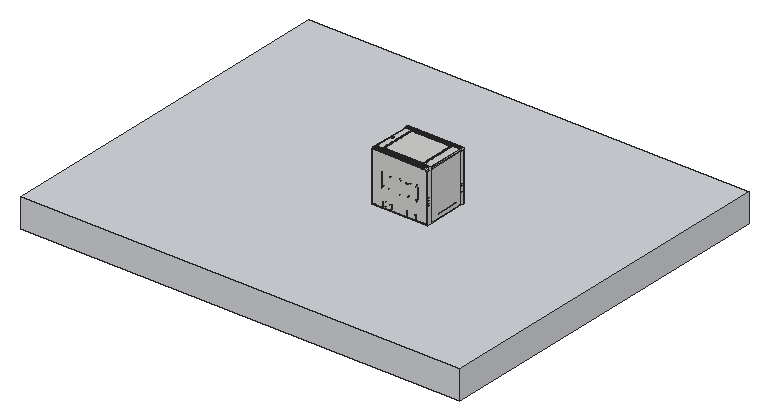
Revit family "Шкаф телекоммуникационный настенный разборный 19” 600x550_1", category Обобщенные модели, Revit 2019
Family settings
  Основа = Грань
  Может служить основой для арматурных стержней = Нет
  Размер круглого соединителя = Использовать диаметр
  Тип детали = Нормальный
  При загрузке вырезать с полостями = Нет
  Общий = Нет
  Точка расчета площади = Нет
Parameters (values of type "ШТ-НСр 9U (600х550мм) перфорированная дверь")
  Смещение двери = ADSK_Размер_Глубина - 24 mm  # 526 mm
  Default Elevation = 800 mm
  Дверь = Дверь_П-9U : Дверь_П-9U
  Высота двери = ADSK_Размер_Высота - 80 mm  # 413 mm
  ADSK_Этаж [instance] = "-"
  ADSK_Размер_Ширина = 600 mm  # constant formula
  ADSK_Размер_Глубина = 550 mm  # constant formula
  ADSK_Размер_Высота = 493 mm
  ADSK_Примечание [instance] = "-"
  ADSK_Предел огнестойкости = "-"
  ADSK_Позиция [instance] = "-"
  ADSK_Обозначение = "ШТ-НСр 9U (600х550мм) перфорированная дверь"
  ADSK_Наименование = "Шкаф телекоммуникационный настенный разборный 19”,9U(600x550), ШТ-НСр-9U-600-550-П дверь перфорированная ССД"
  ADSK_Материал обозначение = "Серый RAL 7035"  # constant formula
  ADSK_Масса_Текст = "20,5"
  ADSK_Марка [instance] = "ШТ-НСр 9U (600х550мм) перфорированная дверь"
  ADSK_Количество = 1  # constant formula
  ADSK_Код изделия = "130411-00559"
  ADSK_Зона = "-"
  ADSK_Завод-изготовитель = "АО СВЯЗЬСТРОЙДЕТАЛЬ"  # constant formula
  ADSK_Единица измерения = "шт"  # constant formula
  ADSK_URL страницы изделия = "https://www.ssd.ru/shkaf-telekommunikatsionnyy-nastennyy-razbornyy-19-9u-600x550-sht-nsr-9u-600-550-p-dver-perforirovan"
  ADSK_URL документации изделия = "https://www.ssd.ru/upload/iblock/702/fbps99x9t5k7rvodinq4s9cgysybksc9/sert_sht_np.pdf"
Reference planes
  plane 1 "По центру (Вперед/Назад)": y = 0
  plane 2: z = 0
  plane 3 "По центру (Влево/Вправо)": x = 0
  plane 4: y = 246.5
  plane 5: y = -246.5
  plane 6: x = 300
  plane 7: x = -300
  plane 8: z = 550
  plane 9: y = 206.5
  plane 10: y = -206.5
  plane 11: z = 526
Forms (mm)
  Extrusion 1, solid
    sketch origin (0, 0, 0) x (1, 0, 0) y (0, 1, 0)
      loop
        line (-2700, 1900) -> (-2700, -2015.656) -> (2062.959, -2015.656) -> (2062.959, 1900) -> (-2700, 1900)
    from 0 to -304.8
  Extrusion 2, solid, material "RAL 7035", detail levels medium+fine
    sketch origin (0, 0, 0) x (-1, 0, 0) y (0, 0, -1)
      loop
        arc (300, -2.994) -> (299.123, -0.877) -> (297.006, 0) r 2.994
        line (297.006, 0) -> (246.94, 0)
        arc (246.94, 0) -> (246.44, -0.501) -> (246.94, -1.001) r 0.501
        line (246.94, -1.001) -> (296.006, -1.001)
        arc (296.006, -1.001) -> (298.132, -1.882) -> (299.013, -4.008) r 3.007
        line (299.013, -4.008) -> (299.013, -525.506)
        arc (299.013, -525.506) -> (299.506, -526) -> (300, -525.506) r 0.494
        line (300, -525.506) -> (300, -2.994)
      loop
        line (-300, -3.007) -> (-300, -525.5)
        arc (-300, -525.5) -> (-299.5, -526) -> (-299, -525.5) r 0.5
        line (-299, -525.5) -> (-299, -4.009)
        arc (-299, -4.009) -> (-298.119, -1.883) -> (-295.993, -1.002) r 3.007
        line (-295.993, -1.002) -> (-246.948, -1.002)
        arc (-246.948, -1.002) -> (-246.447, -0.501) -> (-246.948, 0) r 0.501
        line (-246.948, 0) -> (-296.993, 0)
        arc (-296.993, 0) -> (-299.119, -0.881) -> (-300, -3.007) r 3.007
      loop
        arc (245.778, -0.994) -> (246.278, -0.494) -> (245.778, 0.006) r 0.5
        line (245.778, 0.006) -> (-245.93, 0.006)
        arc (-245.93, 0.006) -> (-246.43, -0.494) -> (-245.93, -0.994) r 0.5
        line (-245.93, -0.994) -> (245.778, -0.994)
    from -206.5 to 206.5
  Extrusion 3, void
    sketch origin (10, -202.5, 0.001) x (1, 0, 0) y (0, 1, 0)
      loop
        line (-281.504, 365) -> (-281.504, 360)
        arc (-281.504, 360) -> (-284.504, 353.755) -> (-281.504, 347.51) r 8
        line (-281.504, 347.51) -> (-281.504, 342.51)
        arc (-281.504, 342.51) -> (-276.504, 337.51) -> (-271.504, 342.51) r 5
        line (-271.504, 342.51) -> (-271.504, 347.51)
        arc (-271.504, 347.51) -> (-268.504, 353.755) -> (-271.504, 360) r 8
        line (-271.504, 360) -> (-271.504, 365)
        arc (-271.504, 365) -> (-276.504, 370) -> (-281.504, 365) r 5
    from 0 to 1
  Extrusion 4, void, not visible
    sketch origin (10, -180, 0) x (1, 0, 0) y (0, 1, 0)
      loop
        line (-281.504, 365) -> (-281.504, 360)
        arc (-281.504, 360) -> (-284.504, 353.755) -> (-281.504, 347.51) r 8
        line (-281.504, 347.51) -> (-281.504, 342.51)
        arc (-281.504, 342.51) -> (-276.504, 337.51) -> (-271.504, 342.51) r 5
        line (-271.504, 342.51) -> (-271.504, 347.51)
        arc (-271.504, 347.51) -> (-268.504, 353.755) -> (-271.504, 360) r 8
        line (-271.504, 360) -> (-271.504, 365)
        arc (-271.504, 365) -> (-276.504, 370) -> (-281.504, 365) r 5
    from 0 to 1
  Extrusion 5, void
    sketch origin (10, -69.5, 0) x (1, 0, 0) y (0, 1, 0)
      loop
        arc (-281.504, -93) -> (-276.504, -98) -> (-271.504, -93) r 5
        line (-271.504, -93) -> (-271.504, -88)
        arc (-271.504, -88) -> (-268.504, -81.755) -> (-271.504, -75.51) r 8
        line (-271.504, -75.51) -> (-271.504, -70.51)
        arc (-271.504, -70.51) -> (-276.504, -65.51) -> (-281.504, -70.51) r 5
        line (-281.504, -70.51) -> (-281.504, -75.51)
        arc (-281.504, -75.51) -> (-284.504, -81.755) -> (-281.504, -88) r 8
        line (-281.504, -88) -> (-281.504, -93)
    from 0 to 1
  Extrusion 6, void
    sketch origin (-10, 69.5, 0) x (-1, 0, 0) y (0, -1, 0)
      loop
        arc (-281.504, -93) -> (-276.504, -98) -> (-271.504, -93) r 5
        line (-271.504, -93) -> (-271.504, -88)
        arc (-271.504, -88) -> (-268.504, -81.755) -> (-271.504, -75.51) r 8
        line (-271.504, -75.51) -> (-271.504, -70.51)
        arc (-271.504, -70.51) -> (-276.504, -65.51) -> (-281.504, -70.51) r 5
        line (-281.504, -70.51) -> (-281.504, -75.51)
        arc (-281.504, -75.51) -> (-284.504, -81.755) -> (-281.504, -88) r 8
        line (-281.504, -88) -> (-281.504, -93)
    from 0 to 1
  Extrusion 7, void
    sketch origin (-10, 202.5, 0) x (-1, 0, 0) y (0, -1, 0)
      loop
        line (-281.504, 365) -> (-281.504, 360)
        arc (-281.504, 360) -> (-284.504, 353.755) -> (-281.504, 347.51) r 8
        line (-281.504, 347.51) -> (-281.504, 342.51)
        arc (-281.504, 342.51) -> (-276.504, 337.51) -> (-271.504, 342.51) r 5
        line (-271.504, 342.51) -> (-271.504, 347.51)
        arc (-271.504, 347.51) -> (-268.504, 353.755) -> (-271.504, 360) r 8
        line (-271.504, 360) -> (-271.504, 365)
        arc (-271.504, 365) -> (-276.504, 370) -> (-281.504, 365) r 5
    from 0 to 1
  Extrusion 8, solid, detail levels coarse
    sketch origin (0, 0, 0) x (1, 0, 0) y (0, 1, 0)
      loop
        line (-300, 246.5) -> (-300, -246.5) -> (300, -246.5) -> (300, 246.5) -> (-300, 246.5)
    from 0 to 550
Cuts and joins
  Extrusion 3, Extrusion 5, Extrusion 6, Extrusion 7 cuts Extrusion 2
Lines and regions (mm)
  reference lines
    curve 1: line (-274.504, 151.255, 0.001) -> (-258.504, 151.255, 0.001)
    curve 3: line (-274.504, -151.255, 0) -> (-258.504, -151.255, 0)
    curve 4: line (274.504, 151.255, 0) -> (258.504, 151.255, 0)
    curve 5: line (274.504, -151.255, 0) -> (258.504, -151.255, 0)
  reference lines, not visible
    curve 2: line (-274.504, 173.755, 0) -> (-258.504, 173.755, 0)
Dimensions and locks
  equal spacing: plane 7, plane 3 "По центру (Влево/Вправо)", plane 6
  "ADSK_Размер_Ширина": plane 7 to plane 6
  equal spacing: plane 5, plane 1 "По центру (Вперед/Назад)", plane 4
  "ADSK_Размер_Высота": plane 5 to plane 4
  "ADSK_Размер_Глубина": Extrusion 1 to plane 8
  locked: plane 9 to plane 4 at 40
  locked: plane 5 to plane 10 at 40
  locked: curve 1 to plane 9 at 55.245
  locked: plane 10 to curve 3 at 55.245
  locked: plane 9 to curve 4 at 55.245
  locked: curve 5 to plane 10 at 55.245
  locked: plane 11 to plane 8 at 24
  locked: nested 2 to plane 5 at 250
  locked: plane 4 to nested 3 at 250
  aligned and locked: Extrusion 1 to plane 2
  aligned and locked: Extrusion 1 to level
  aligned and locked: Extrusion 2 to level  (x2)
  aligned and locked: Extrusion 2 to plane 2
  aligned and locked: Extrusion 2 to plane 7
  aligned and locked: plane 6 to Extrusion 2
  aligned and locked: Extrusion 2 to Extrusion 3
  aligned and locked: Extrusion 2 to plane 9
  aligned and locked: plane 10 to Extrusion 2
  aligned and locked: plane 6 to Extrusion 8
  aligned and locked: Extrusion 8 to plane 4
  aligned and locked: Extrusion 8 to plane 7
  aligned and locked: plane 5 to Extrusion 8
  aligned and locked: Extrusion 8 to plane 8
  aligned and locked: Extrusion 8 to level
Automatic sketch dimensions
  Extrusion 1 sketch curve to Extrusion 1 sketch curve = 4762.959 mm
  Extrusion 1 sketch curve to Extrusion 1 sketch curve = 3915.656 mm
  Extrusion 3 sketch curve to Extrusion 3 sketch curve = 0 mm  (x5)
  Extrusion 3 sketch curve to Extrusion 3 sketch curve = 5 mm  (x6)
  Extrusion 3 sketch curve to Extrusion 3 sketch curve = 6.245 mm
  Extrusion 4 sketch curve to Extrusion 4 sketch curve = 0 mm  (x5)
  Extrusion 4 sketch curve to Extrusion 4 sketch curve = 5 mm  (x6)
  Extrusion 4 sketch curve to Extrusion 4 sketch curve = 6.245 mm
  Extrusion 5 sketch curve to Extrusion 5 sketch curve = 0 mm  (x5)
  Extrusion 5 sketch curve to Extrusion 5 sketch curve = 5 mm  (x6)
  Extrusion 5 sketch curve to Extrusion 5 sketch curve = 6.245 mm
  Extrusion 6 sketch curve to Extrusion 6 sketch curve = 0 mm  (x5)
  Extrusion 6 sketch curve to Extrusion 6 sketch curve = 5 mm  (x6)
  Extrusion 6 sketch curve to Extrusion 6 sketch curve = 6.245 mm
  Extrusion 7 sketch curve to Extrusion 7 sketch curve = 0 mm  (x5)
  Extrusion 7 sketch curve to Extrusion 7 sketch curve = 5 mm  (x6)
  Extrusion 7 sketch curve to Extrusion 7 sketch curve = 6.245 mm
  Extrusion 2 sketch curve to plane 6 = 0 mm
  Extrusion 2 sketch curve to level = 0 mm  (x2)
  level to Extrusion 2 sketch curve = 0.006 mm
  plane 7 to Extrusion 2 sketch curve = 0 mm
  Extrusion 2 sketch curve to Extrusion 2 sketch curve = 0.5 mm
  Extrusion 2 sketch curve to Extrusion 2 sketch curve = 2.007 mm
  Extrusion 2 sketch curve to level = 1.002 mm
  Extrusion 2 sketch curve to Extrusion 2 sketch curve = 1 mm  (x2)
  Extrusion 2 sketch curve to Extrusion 2 sketch curve = 49.046 mm
  Extrusion 2 sketch curve to level = 0.994 mm
  Extrusion 2 sketch curve to plane 7 = 54.222 mm
  Extrusion 2 sketch curve to level = 1.001 mm
  Extrusion 2 sketch curve to Extrusion 2 sketch curve = 1.162 mm
  Extrusion 2 sketch curve to plane 7 = 3.994 mm
  Extrusion 2 sketch curve to plane 7 = 0.987 mm
  Extrusion 2 sketch curve to plane 8 = 24.5 mm
  Extrusion 2 sketch curve to plane 8 = 24.494 mm
  Extrusion 2 sketch curve to Extrusion 2 sketch curve = 1.018 mm
  plane 5 to Extrusion 8 sketch curve = 0 mm
  Extrusion 8 sketch curve to plane 7 = 0 mm
  plane 6 to Extrusion 8 sketch curve = 0 mm
  Extrusion 8 sketch curve to plane 4 = 0 mm
Nested families
  nested 1: "Дверь_П-9U" at (0, 0, 526), type <- "Дверь", built-in parameter 1001364 <- "Смещение двери", ADSK_Размер_Высота <- "Высота двери", type "Дверь_П-9U"
    with ADSK_Размер_Высота 413 mm
  nested 2: "Крышка 550" at (0, 3.5, 0) x (-1, 0, 0) z (0, 0, 1), type "Крышка 550"
  nested 3: "Крышка 550" at (0, -3.5, 0) x (-1, 0, 0) z (0, 0, 1), type "Крышка 550"
Definition of nested family "Дверь_П-9U"
  Parameters (values of type "Дверь_П-9U")
    Ширина = 600 mm
    Стекло = no
    Материал дверцы = none
    Глубина_двери = 1000 mm
    ADSK_Размер_Высота [instance] = 413 mm
  Reference planes
    plane 1 "По центру (Вперед/Назад)": y = 0
    plane 2: z = 0
    plane 3 "По центру (Влево/Вправо)": x = 0
    plane 4: y = 206.5
    plane 5: y = -206.5
    plane 6: x = 300
    plane 7: x = -300
    plane 8: z = -1000
  Forms (mm)
    Extrusion 1, solid, detail levels medium+fine
      sketch origin (-48.253, -13.282, 0) x (1, 0, 0) y (0, 1, 0)
        loop
          circle (-223.747, 13.282) r 12
      from 20 to 21
    Blend 2, solid, detail levels medium+fine
      base sketch origin (-60.253, -13.282, 0) x (1, 0, 0) y (0, 1, 0)
        loop
          circle (-211.747, 13.282) r 12
      top sketch origin (-60.253, -13.282, 0) x (1, 0, 0) y (0, 1, 0)
        loop
          circle (-211.747, 13.282) r 9
      from 21 to 24
    Extrusion 3, void, detail levels medium+fine
      sketch origin (-48.253, -13.282, 0) x (1, 0, 0) y (0, 1, 0)
        loop
          line (-228.747, 14.532) -> (-228.747, 12.032) -> (-218.747, 12.032) -> (-218.747, 14.532) -> (-228.747, 14.532)
      from 22 to 24
    Extrusion 4, solid, not visible
      sketch origin (0, 0, 0) x (1, 0, 0) y (0, 1, 0)
        loop
          arc (-297, 180) -> (-299.121, 179.121) -> (-300, 177) r 3
          line (-300, 177) -> (-300, -177)
          arc (-300, -177) -> (-299.121, -179.121) -> (-297, -180) r 3
          line (-297, -180) -> (297, -180)
          arc (297, -180) -> (299.121, -179.121) -> (300, -177) r 3
          line (300, -177) -> (300, 177)
          arc (300, 177) -> (299.121, 179.121) -> (297, 180) r 3
          line (297, 180) -> (-297, 180)
      from 0 to 20
    Extrusion 5, solid, not visible
      sketch origin (0, 0, 0) x (1, 0, 0) y (0, 1, 0)
        loop
          circle (-223.747, 13.282) r 12
      from 20 to 21
    Blend 6, solid, not visible
      base sketch origin (-12, 0, 0) x (1, 0, 0) y (0, 1, 0)
        loop
          circle (-211.747, 13.282) r 12
      top sketch origin (-12, 0, 0) x (1, 0, 0) y (0, 1, 0)
        loop
          circle (-211.747, 13.282) r 9
      from 21 to 24
    Extrusion 7, void, not visible
      sketch origin (0, 0, 0) x (1, 0, 0) y (0, 1, 0)
        loop
          line (-228.747, 14.532) -> (-228.747, 12.032) -> (-218.747, 12.032) -> (-218.747, 14.532) -> (-228.747, 14.532)
      from 22 to 24
    Extrusion 8, solid, detail levels medium+fine
      sketch origin (0, 0, 0) x (1, 0, 0) y (0, 1, 0)
        loop
          arc (-297, 206.5) -> (-299.121, 205.621) -> (-300, 203.5) r 3
          line (-300, 203.5) -> (-300, -203.5)
          arc (-300, -203.5) -> (-299.121, -205.621) -> (-297, -206.5) r 3
          line (-297, -206.5) -> (297, -206.5)
          arc (297, -206.5) -> (299.121, -205.621) -> (300, -203.5) r 3
          line (300, -203.5) -> (300, 203.5)
          arc (300, 203.5) -> (299.121, 205.621) -> (297, 206.5) r 3
          line (297, 206.5) -> (-297, 206.5)
      from 0 to 20
    Extrusion 9, void
      sketch origin (0, 0, 0) x (0, 1, 0) y (0, 0, 1)
        loop
          line (206.5, 17) -> (206.5, 20) -> (203.5, 20)
          arc (203.5, 20) -> (205.621, 19.121) -> (206.5, 17) r 3
        loop
          arc (-206.5, 17) -> (-205.621, 19.121) -> (-203.5, 20) r 3
          line (-203.5, 20) -> (-206.5, 20) -> (-206.5, 17)
        loop
          arc (206.5, 3) -> (205.621, 0.879) -> (203.5, 0) r 3
          line (203.5, 0) -> (206.5, 0) -> (206.5, 3)
        loop
          line (-206.5, 3) -> (-206.5, 0) -> (-203.5, 0)
          arc (-203.5, 0) -> (-205.621, 0.879) -> (-206.5, 3) r 3
      from -300 to 300
    Extrusion 10, void
      sketch origin (0, 0, 0) x (1, 0, 0) y (0, 0, 1)
        loop
          line (-297, 20) -> (-300, 20) -> (-300, 17)
          arc (-300, 17) -> (-299.121, 19.121) -> (-297, 20) r 3
        loop
          arc (297, 20) -> (299.121, 19.121) -> (300, 17) r 3
          line (300, 17) -> (300, 20) -> (297, 20)
        loop
          arc (-297, 0) -> (-299.121, 0.879) -> (-300, 3) r 3
          line (-300, 3) -> (-300, 0) -> (-297, 0)
        loop
          line (297, 0) -> (300, 0) -> (300, 3)
          arc (300, 3) -> (299.121, 0.879) -> (297, 0) r 3
      from -206.5 to 206.5
    Extrusion 11, void
      sketch origin (0, 0, 0) x (1, 0, 0) y (0, 1, 0)
        loop
          line (-297, 203.5) -> (-297, -203.5) -> (297, -203.5) -> (297, 203.5) -> (-297, 203.5)
      from 0 to 18.011
    Extrusion 12, void, detail levels fine
      sketch origin (0, 0, 0) x (1, 0, 0) y (0, 1, 0)
        loop
          line (-217.443, 98.5) -> (-221.6, 96.1) -> (-221.6, 91.3) -> (-217.443, 88.9) -> (-213.286, 91.3) -> (-213.286, 96.1) -> (-217.443, 98.5)
        loop
          line (-207.629, 200.488) -> (-211.786, 198.088) -> (-211.786, 193.288) -> (-207.629, 190.888) -> (-203.472, 193.288) -> (-203.472, 198.088) -> (-207.629, 200.488)
        loop
          line (-197.815, 200.488) -> (-201.972, 198.088) -> (-201.972, 193.288) -> (-197.815, 190.888) -> (-193.658, 193.288) -> (-193.658, 198.088) -> (-197.815, 200.488)
        loop
          line (-188.002, 200.488) -> (-192.158, 198.088) -> (-192.158, 193.288) -> (-188.002, 190.888) -> (-183.845, 193.288) -> (-183.845, 198.088) -> (-188.002, 200.488)
        loop
          line (-178.188, 200.488) -> (-182.345, 198.088) -> (-182.345, 193.288) -> (-178.188, 190.888) -> (-174.031, 193.288) -> (-174.031, 198.088) -> (-178.188, 200.488)
        loop
          line (-168.374, 200.488) -> (-172.531, 198.088) -> (-172.531, 193.288) -> (-168.374, 190.888) -> (-164.217, 193.288) -> (-164.217, 198.088) -> (-168.374, 200.488)
        loop
          line (-158.56, 200.488) -> (-162.717, 198.088) -> (-162.717, 193.288) -> (-158.56, 190.888) -> (-154.403, 193.288) -> (-154.403, 198.088) -> (-158.56, 200.488)
        loop
          line (-148.746, 200.488) -> (-152.903, 198.088) -> (-152.903, 193.288) -> (-148.746, 190.888) -> (-144.589, 193.288) -> (-144.589, 198.088) -> (-148.746, 200.488)
        loop
          line (-138.932, 200.488) -> (-143.089, 198.088) -> (-143.089, 193.288) -> (-138.932, 190.888) -> (-134.775, 193.288) -> (-134.775, 198.088) -> (-138.932, 200.488)
        loop
          line (-129.118, 200.488) -> (-133.275, 198.088) -> (-133.275, 193.288) -> (-129.118, 190.888) -> (-124.962, 193.288) -> (-124.962, 198.088) -> (-129.118, 200.488)
        loop
          line (-119.305, 200.488) -> (-123.462, 198.088) -> (-123.462, 193.288) -> (-119.305, 190.888) -> (-115.148, 193.288) -> (-115.148, 198.088) -> (-119.305, 200.488)
        loop
          line (-109.491, 200.488) -> (-113.648, 198.088) -> (-113.648, 193.288) -> (-109.491, 190.888) -> (-105.334, 193.288) -> (-105.334, 198.088) -> (-109.491, 200.488)
        loop
          line (-99.677, 200.488) -> (-103.834, 198.088) -> (-103.834, 193.288) -> (-99.677, 190.888) -> (-95.52, 193.288) -> (-95.52, 198.088) -> (-99.677, 200.488)
        loop
          line (-89.863, 200.488) -> (-94.02, 198.088) -> (-94.02, 193.288) -> (-89.863, 190.888) -> (-85.706, 193.288) -> (-85.706, 198.088) -> (-89.863, 200.488)
        loop
          line (-80.049, 200.488) -> (-84.206, 198.088) -> (-84.206, 193.288) -> (-80.049, 190.888) -> (-75.892, 193.288) -> (-75.892, 198.088) -> (-80.049, 200.488)
        loop
          line (-70.235, 200.488) -> (-74.392, 198.088) -> (-74.392, 193.288) -> (-70.235, 190.888) -> (-66.078, 193.288) -> (-66.078, 198.088) -> (-70.235, 200.488)
        loop
          line (-60.422, 200.488) -> (-64.578, 198.088) -> (-64.578, 193.288) -> (-60.422, 190.888) -> (-56.265, 193.288) -> (-56.265, 198.088) -> (-60.422, 200.488)
        loop
          line (-50.608, 200.488) -> (-54.765, 198.088) -> (-54.765, 193.288) -> (-50.608, 190.888) -> (-46.451, 193.288) -> (-46.451, 198.088) -> (-50.608, 200.488)
        loop
          line (-40.794, 200.488) -> (-44.951, 198.088) -> (-44.951, 193.288) -> (-40.794, 190.888) -> (-36.637, 193.288) -> (-36.637, 198.088) -> (-40.794, 200.488)
        loop
          line (-30.98, 200.488) -> (-35.137, 198.088) -> (-35.137, 193.288) -> (-30.98, 190.888) -> (-26.823, 193.288) -> (-26.823, 198.088) -> (-30.98, 200.488)
        loop
          line (-21.166, 200.488) -> (-25.323, 198.088) -> (-25.323, 193.288) -> (-21.166, 190.888) -> (-17.009, 193.288) -> (-17.009, 198.088) -> (-21.166, 200.488)
        loop
          line (-11.352, 200.488) -> (-15.509, 198.088) -> (-15.509, 193.288) -> (-11.352, 190.888) -> (-7.195, 193.288) -> (-7.195, 198.088) -> (-11.352, 200.488)
        loop
          line (-1.539, 200.488) -> (-5.695, 198.088) -> (-5.695, 193.288) -> (-1.539, 190.888) -> (2.618, 193.288) -> (2.618, 198.088) -> (-1.539, 200.488)
        loop
          line (8.275, 200.488) -> (4.118, 198.088) -> (4.118, 193.288) -> (8.275, 190.888) -> (12.432, 193.288) -> (12.432, 198.088) -> (8.275, 200.488)
        loop
          line (18.089, 200.488) -> (13.932, 198.088) -> (13.932, 193.288) -> (18.089, 190.888) -> (22.246, 193.288) -> (22.246, 198.088) -> (18.089, 200.488)
        loop
          line (27.903, 200.488) -> (23.746, 198.088) -> (23.746, 193.288) -> (27.903, 190.888) -> (32.06, 193.288) -> (32.06, 198.088) -> (27.903, 200.488)
        loop
          line (37.717, 200.488) -> (33.56, 198.088) -> (33.56, 193.288) -> (37.717, 190.888) -> (41.874, 193.288) -> (41.874, 198.088) -> (37.717, 200.488)
        loop
          line (47.531, 200.488) -> (43.374, 198.088) -> (43.374, 193.288) -> (47.531, 190.888) -> (51.688, 193.288) -> (51.688, 198.088) -> (47.531, 200.488)
        loop
          line (57.345, 200.488) -> (53.188, 198.088) -> (53.188, 193.288) -> (57.345, 190.888) -> (61.501, 193.288) -> (61.501, 198.088) -> (57.345, 200.488)
        loop
          line (67.158, 200.488) -> (63.001, 198.088) -> (63.001, 193.288) -> (67.158, 190.888) -> (71.315, 193.288) -> (71.315, 198.088) -> (67.158, 200.488)
        loop
          line (76.972, 200.488) -> (72.815, 198.088) -> (72.815, 193.288) -> (76.972, 190.888) -> (81.129, 193.288) -> (81.129, 198.088) -> (76.972, 200.488)
        loop
          line (86.786, 200.488) -> (82.629, 198.088) -> (82.629, 193.288) -> (86.786, 190.888) -> (90.943, 193.288) -> (90.943, 198.088) -> (86.786, 200.488)
        loop
          line (96.6, 200.488) -> (92.443, 198.088) -> (92.443, 193.288) -> (96.6, 190.888) -> (100.757, 193.288) -> (100.757, 198.088) -> (96.6, 200.488)
        loop
          line (106.414, 200.488) -> (102.257, 198.088) -> (102.257, 193.288) -> (106.414, 190.888) -> (110.571, 193.288) -> (110.571, 198.088) -> (106.414, 200.488)
        loop
          line (116.228, 200.488) -> (112.071, 198.088) -> (112.071, 193.288) -> (116.228, 190.888) -> (120.385, 193.288) -> (120.385, 198.088) -> (116.228, 200.488)
        loop
          line (126.041, 200.488) -> (121.885, 198.088) -> (121.885, 193.288) -> (126.041, 190.888) -> (130.198, 193.288) -> (130.198, 198.088) -> (126.041, 200.488)
        loop
          line (135.855, 200.488) -> (131.698, 198.088) -> (131.698, 193.288) -> (135.855, 190.888) -> (140.012, 193.288) -> (140.012, 198.088) -> (135.855, 200.488)
        loop
          line (145.669, 200.488) -> (141.512, 198.088) -> (141.512, 193.288) -> (145.669, 190.888) -> (149.826, 193.288) -> (149.826, 198.088) -> (145.669, 200.488)
        loop
          line (155.483, 200.488) -> (151.326, 198.088) -> (151.326, 193.288) -> (155.483, 190.888) -> (159.64, 193.288) -> (159.64, 198.088) -> (155.483, 200.488)
        loop
          line (165.297, 200.488) -> (161.14, 198.088) -> (161.14, 193.288) -> (165.297, 190.888) -> (169.454, 193.288) -> (169.454, 198.088) -> (165.297, 200.488)
        loop
          line (175.111, 200.488) -> (170.954, 198.088) -> (170.954, 193.288) -> (175.111, 190.888) -> (179.268, 193.288) -> (179.268, 198.088) -> (175.111, 200.488)
        loop
          line (184.925, 200.488) -> (180.768, 198.088) -> (180.768, 193.288) -> (184.925, 190.888) -> (189.081, 193.288) -> (189.081, 198.088) -> (184.925, 200.488)
        loop
          line (194.738, 200.488) -> (190.581, 198.088) -> (190.581, 193.288) -> (194.738, 190.888) -> (198.895, 193.288) -> (198.895, 198.088) -> (194.738, 200.488)
        loop
          line (214.366, 98.5) -> (210.209, 96.1) -> (210.209, 91.3) -> (214.366, 88.9) -> (218.523, 91.3) -> (218.523, 96.1) -> (214.366, 98.5)
        loop
          line (-222.35, 90.001) -> (-226.507, 87.601) -> (-226.507, 82.801) -> (-222.35, 80.401) -> (-218.193, 82.801) -> (-218.193, 87.601) -> (-222.35, 90.001)
        loop
          line (209.459, 90.001) -> (205.302, 87.601) -> (205.302, 82.801) -> (209.459, 80.401) -> (213.616, 82.801) -> (213.616, 87.601) -> (209.459, 90.001)
        loop
          line (-221.6, 79.102) -> (-221.6, 74.302) -> (-217.443, 71.902) -> (-213.286, 74.302) -> (-213.286, 79.102) -> (-217.443, 81.502) -> (-221.6, 79.102)
        loop
          line (214.366, 81.502) -> (210.209, 79.102) -> (210.209, 74.302) -> (214.366, 71.902) -> (218.523, 74.302) -> (218.523, 79.102) -> (214.366, 81.502)
        loop
          line (-222.35, 73.003) -> (-226.507, 70.603) -> (-226.507, 65.803) -> (-222.35, 63.403) -> (-218.193, 65.803) -> (-218.193, 70.603) -> (-222.35, 73.003)
        loop
          line (209.459, 73.003) -> (205.302, 70.603) -> (205.302, 65.803) -> (209.459, 63.403) -> (213.616, 65.803) -> (213.616, 70.603) -> (209.459, 73.003)
        loop
          line (-221.6, 62.104) -> (-221.6, 57.304) -> (-217.443, 54.904) -> (-213.286, 57.304) -> (-213.286, 62.104) -> (-217.443, 64.504) -> (-221.6, 62.104)
        loop
          line (214.366, 64.504) -> (210.209, 62.104) -> (210.209, 57.304) -> (214.366, 54.904) -> (218.523, 57.304) -> (218.523, 62.104) -> (214.366, 64.504)
        loop
          line (-222.35, 56.005) -> (-226.507, 53.605) -> (-226.507, 48.805) -> (-222.35, 46.405) -> (-218.193, 48.805) -> (-218.193, 53.605) -> (-222.35, 56.005)
        loop
          line (209.459, 56.005) -> (205.302, 53.605) -> (205.302, 48.805) -> (209.459, 46.405) -> (213.616, 48.805) -> (213.616, 53.605) -> (209.459, 56.005)
        loop
          line (-221.6, 45.106) -> (-221.6, 40.306) -> (-217.443, 37.906) -> (-213.286, 40.306) -> (-213.286, 45.106) -> (-217.443, 47.506) -> (-221.6, 45.106)
        loop
          line (214.366, 47.506) -> (210.209, 45.106) -> (210.209, 40.306) -> (214.366, 37.906) -> (218.523, 40.306) -> (218.523, 45.106) -> (214.366, 47.506)
        loop
          line (-222.35, 39.007) -> (-226.507, 36.607) -> (-226.507, 31.807) -> (-222.35, 29.407) -> (-218.193, 31.807) -> (-218.193, 36.607) -> (-222.35, 39.007)
        loop
          line (209.459, 39.007) -> (205.302, 36.607) -> (205.302, 31.807) -> (209.459, 29.407) -> (213.616, 31.807) -> (213.616, 36.607) -> (209.459, 39.007)
        loop
          line (-221.6, 28.108) -> (-221.6, 23.308) -> (-217.443, 20.908) -> (-213.286, 23.308) -> (-213.286, 28.108) -> (-217.443, 30.508) -> (-221.6, 28.108)
        loop
          line (214.366, 30.508) -> (210.209, 28.108) -> (210.209, 23.308) -> (214.366, 20.908) -> (218.523, 23.308) -> (218.523, 28.108) -> (214.366, 30.508)
        loop
          line (-222.35, 22.009) -> (-226.507, 19.609) -> (-226.507, 14.809) -> (-222.35, 12.409) -> (-218.193, 14.809) -> (-218.193, 19.609) -> (-222.35, 22.009)
        loop
          line (209.459, 22.009) -> (205.302, 19.609) -> (205.302, 14.809) -> (209.459, 12.409) -> (213.616, 14.809) -> (213.616, 19.609) -> (209.459, 22.009)
        loop
          line (-221.6, 11.11) -> (-221.6, 6.31) -> (-217.443, 3.91) -> (-213.286, 6.31) -> (-213.286, 11.11) -> (-217.443, 13.51) -> (-221.6, 11.11)
        loop
          line (214.366, 13.51) -> (210.209, 11.11) -> (210.209, 6.31) -> (214.366, 3.91) -> (218.523, 6.31) -> (218.523, 11.11) -> (214.366, 13.51)
        loop
          line (-222.35, 5.011) -> (-226.507, 2.611) -> (-226.507, -2.189) -> (-222.35, -4.589) -> (-218.193, -2.189) -> (-218.193, 2.611) -> (-222.35, 5.011)
        loop
          line (209.459, 5.011) -> (205.302, 2.611) -> (205.302, -2.189) -> (209.459, -4.589) -> (213.616, -2.189) -> (213.616, 2.611) -> (209.459, 5.011)
        loop
          line (-221.6, 113.098) -> (-221.6, 108.298) -> (-217.443, 105.898) -> (-213.286, 108.298) -> (-213.286, 113.098) -> (-217.443, 115.498) -> (-221.6, 113.098)
        loop
          line (214.366, 115.498) -> (210.209, 113.098) -> (210.209, 108.298) -> (214.366, 105.898) -> (218.523, 108.298) -> (218.523, 113.098) -> (214.366, 115.498)
        loop
          line (-222.35, 106.999) -> (-226.507, 104.599) -> (-226.507, 99.799) -> (-222.35, 97.399) -> (-218.193, 99.799) -> (-218.193, 104.599) -> (-222.35, 106.999)
        loop
          line (209.459, 106.999) -> (205.302, 104.599) -> (205.302, 99.799) -> (209.459, 97.399) -> (213.616, 99.799) -> (213.616, 104.599) -> (209.459, 106.999)
        loop
          line (-221.6, 130.096) -> (-221.6, 125.296) -> (-217.443, 122.896) -> (-213.286, 125.296) -> (-213.286, 130.096) -> (-217.443, 132.496) -> (-221.6, 130.096)
        loop
          line (214.366, 132.496) -> (210.209, 130.096) -> (210.209, 125.296) -> (214.366, 122.896) -> (218.523, 125.296) -> (218.523, 130.096) -> (214.366, 132.496)
        loop
          line (-222.35, 123.997) -> (-226.507, 121.597) -> (-226.507, 116.797) -> (-222.35, 114.397) -> (-218.193, 116.797) -> (-218.193, 121.597) -> (-222.35, 123.997)
        loop
          line (209.459, 123.997) -> (205.302, 121.597) -> (205.302, 116.797) -> (209.459, 114.397) -> (213.616, 116.797) -> (213.616, 121.597) -> (209.459, 123.997)
        loop
          line (-221.6, 147.094) -> (-221.6, 142.294) -> (-217.443, 139.894) -> (-213.286, 142.294) -> (-213.286, 147.094) -> (-217.443, 149.494) -> (-221.6, 147.094)
        loop
          line (214.366, 149.494) -> (210.209, 147.094) -> (210.209, 142.294) -> (214.366, 139.894) -> (218.523, 142.294) -> (218.523, 147.094) -> (214.366, 149.494)
        loop
          line (-222.35, 140.995) -> (-226.507, 138.595) -> (-226.507, 133.795) -> (-222.35, 131.395) -> (-218.193, 133.795) -> (-218.193, 138.595) -> (-222.35, 140.995)
        loop
          line (209.459, 140.995) -> (205.302, 138.595) -> (205.302, 133.795) -> (209.459, 131.395) -> (213.616, 133.795) -> (213.616, 138.595) -> (209.459, 140.995)
        loop
          line (204.552, 200.488) -> (200.395, 198.088) -> (200.395, 193.288) -> (204.552, 190.888) -> (208.709, 193.288) -> (208.709, 198.088) -> (204.552, 200.488)
        loop
          line (-221.6, 164.092) -> (-221.6, 159.292) -> (-217.443, 156.892) -> (-213.286, 159.292) -> (-213.286, 164.092) -> (-217.443, 166.492) -> (-221.6, 164.092)
        loop
          line (214.366, 166.492) -> (210.209, 164.092) -> (210.209, 159.292) -> (214.366, 156.892) -> (218.523, 159.292) -> (218.523, 164.092) -> (214.366, 166.492)
        loop
          line (-222.35, 157.993) -> (-226.507, 155.593) -> (-226.507, 150.793) -> (-222.35, 148.393) -> (-218.193, 150.793) -> (-218.193, 155.593) -> (-222.35, 157.993)
        loop
          line (209.459, 157.993) -> (205.302, 155.593) -> (205.302, 150.793) -> (209.459, 148.393) -> (213.616, 150.793) -> (213.616, 155.593) -> (209.459, 157.993)
        loop
          line (-221.6, 181.09) -> (-221.6, 176.29) -> (-217.443, 173.89) -> (-213.286, 176.29) -> (-213.286, 181.09) -> (-217.443, 183.49) -> (-221.6, 181.09)
        loop
          line (214.366, 183.49) -> (210.209, 181.09) -> (210.209, 176.29) -> (214.366, 173.89) -> (218.523, 176.29) -> (218.523, 181.09) -> (214.366, 183.49)
        loop
          line (-222.35, 174.991) -> (-226.507, 172.591) -> (-226.507, 167.791) -> (-222.35, 165.391) -> (-218.193, 167.791) -> (-218.193, 172.591) -> (-222.35, 174.991)
        loop
          line (209.459, 174.991) -> (205.302, 172.591) -> (205.302, 167.791) -> (209.459, 165.391) -> (213.616, 167.791) -> (213.616, 172.591) -> (209.459, 174.991)
        loop
          line (-222.35, 191.989) -> (-226.507, 189.589) -> (-226.507, 184.789) -> (-222.35, 182.389) -> (-218.193, 184.789) -> (-218.193, 189.589) -> (-222.35, 191.989)
        loop
          line (-221.6, 198.088) -> (-221.6, 193.288) -> (-217.443, 190.888) -> (-213.286, 193.288) -> (-213.286, 198.088) -> (-217.443, 200.488) -> (-221.6, 198.088)
        loop
          line (214.366, 200.488) -> (210.209, 198.088) -> (210.209, 193.288) -> (214.366, 190.888) -> (218.523, 193.288) -> (218.523, 198.088) -> (214.366, 200.488)
        loop
          line (209.459, 191.989) -> (205.302, 189.589) -> (205.302, 184.789) -> (209.459, 182.389) -> (213.616, 184.789) -> (213.616, 189.589) -> (209.459, 191.989)
        loop
          line (-217.443, -98.5) -> (-213.286, -96.1) -> (-213.286, -91.3) -> (-217.443, -88.9) -> (-221.6, -91.3) -> (-221.6, -96.1) -> (-217.443, -98.5)
        loop
          line (-207.629, -200.488) -> (-203.472, -198.088) -> (-203.472, -193.288) -> (-207.629, -190.888) -> (-211.786, -193.288) -> (-211.786, -198.088) -> (-207.629, -200.488)
        loop
          line (-197.815, -200.488) -> (-193.658, -198.088) -> (-193.658, -193.288) -> (-197.815, -190.888) -> (-201.972, -193.288) -> (-201.972, -198.088) -> (-197.815, -200.488)
        loop
          line (-188.002, -200.488) -> (-183.845, -198.088) -> (-183.845, -193.288) -> (-188.002, -190.888) -> (-192.158, -193.288) -> (-192.158, -198.088) -> (-188.002, -200.488)
        loop
          line (-178.188, -200.488) -> (-174.031, -198.088) -> (-174.031, -193.288) -> (-178.188, -190.888) -> (-182.345, -193.288) -> (-182.345, -198.088) -> (-178.188, -200.488)
        loop
          line (-168.374, -200.488) -> (-164.217, -198.088) -> (-164.217, -193.288) -> (-168.374, -190.888) -> (-172.531, -193.288) -> (-172.531, -198.088) -> (-168.374, -200.488)
        loop
          line (-158.56, -200.488) -> (-154.403, -198.088) -> (-154.403, -193.288) -> (-158.56, -190.888) -> (-162.717, -193.288) -> (-162.717, -198.088) -> (-158.56, -200.488)
        loop
          line (-148.746, -200.488) -> (-144.589, -198.088) -> (-144.589, -193.288) -> (-148.746, -190.888) -> (-152.903, -193.288) -> (-152.903, -198.088) -> (-148.746, -200.488)
        loop
          line (-138.932, -200.488) -> (-134.775, -198.088) -> (-134.775, -193.288) -> (-138.932, -190.888) -> (-143.089, -193.288) -> (-143.089, -198.088) -> (-138.932, -200.488)
        loop
          line (-129.118, -200.488) -> (-124.962, -198.088) -> (-124.962, -193.288) -> (-129.118, -190.888) -> (-133.275, -193.288) -> (-133.275, -198.088) -> (-129.118, -200.488)
        loop
          line (-119.305, -200.488) -> (-115.148, -198.088) -> (-115.148, -193.288) -> (-119.305, -190.888) -> (-123.462, -193.288) -> (-123.462, -198.088) -> (-119.305, -200.488)
        loop
          line (-109.491, -200.488) -> (-105.334, -198.088) -> (-105.334, -193.288) -> (-109.491, -190.888) -> (-113.648, -193.288) -> (-113.648, -198.088) -> (-109.491, -200.488)
        loop
          line (-99.677, -200.488) -> (-95.52, -198.088) -> (-95.52, -193.288) -> (-99.677, -190.888) -> (-103.834, -193.288) -> (-103.834, -198.088) -> (-99.677, -200.488)
        loop
          line (-89.863, -200.488) -> (-85.706, -198.088) -> (-85.706, -193.288) -> (-89.863, -190.888) -> (-94.02, -193.288) -> (-94.02, -198.088) -> (-89.863, -200.488)
        loop
          line (-80.049, -200.488) -> (-75.892, -198.088) -> (-75.892, -193.288) -> (-80.049, -190.888) -> (-84.206, -193.288) -> (-84.206, -198.088) -> (-80.049, -200.488)
        loop
          line (-70.235, -200.488) -> (-66.078, -198.088) -> (-66.078, -193.288) -> (-70.235, -190.888) -> (-74.392, -193.288) -> (-74.392, -198.088) -> (-70.235, -200.488)
        loop
          line (-60.422, -200.488) -> (-56.265, -198.088) -> (-56.265, -193.288) -> (-60.422, -190.888) -> (-64.578, -193.288) -> (-64.578, -198.088) -> (-60.422, -200.488)
        loop
          line (-50.608, -200.488) -> (-46.451, -198.088) -> (-46.451, -193.288) -> (-50.608, -190.888) -> (-54.765, -193.288) -> (-54.765, -198.088) -> (-50.608, -200.488)
        loop
          line (-40.794, -200.488) -> (-36.637, -198.088) -> (-36.637, -193.288) -> (-40.794, -190.888) -> (-44.951, -193.288) -> (-44.951, -198.088) -> (-40.794, -200.488)
        loop
          line (-30.98, -200.488) -> (-26.823, -198.088) -> (-26.823, -193.288) -> (-30.98, -190.888) -> (-35.137, -193.288) -> (-35.137, -198.088) -> (-30.98, -200.488)
        loop
          line (-21.166, -200.488) -> (-17.009, -198.088) -> (-17.009, -193.288) -> (-21.166, -190.888) -> (-25.323, -193.288) -> (-25.323, -198.088) -> (-21.166, -200.488)
        loop
          line (-11.352, -200.488) -> (-7.195, -198.088) -> (-7.195, -193.288) -> (-11.352, -190.888) -> (-15.509, -193.288) -> (-15.509, -198.088) -> (-11.352, -200.488)
        loop
          line (-1.539, -200.488) -> (2.618, -198.088) -> (2.618, -193.288) -> (-1.539, -190.888) -> (-5.695, -193.288) -> (-5.695, -198.088) -> (-1.539, -200.488)
        loop
          line (8.275, -200.488) -> (12.432, -198.088) -> (12.432, -193.288) -> (8.275, -190.888) -> (4.118, -193.288) -> (4.118, -198.088) -> (8.275, -200.488)
        loop
          line (18.089, -200.488) -> (22.246, -198.088) -> (22.246, -193.288) -> (18.089, -190.888) -> (13.932, -193.288) -> (13.932, -198.088) -> (18.089, -200.488)
        loop
          line (27.903, -200.488) -> (32.06, -198.088) -> (32.06, -193.288) -> (27.903, -190.888) -> (23.746, -193.288) -> (23.746, -198.088) -> (27.903, -200.488)
        loop
          line (37.717, -200.488) -> (41.874, -198.088) -> (41.874, -193.288) -> (37.717, -190.888) -> (33.56, -193.288) -> (33.56, -198.088) -> (37.717, -200.488)
        loop
          line (47.531, -200.488) -> (51.688, -198.088) -> (51.688, -193.288) -> (47.531, -190.888) -> (43.374, -193.288) -> (43.374, -198.088) -> (47.531, -200.488)
        loop
          line (57.345, -200.488) -> (61.501, -198.088) -> (61.501, -193.288) -> (57.345, -190.888) -> (53.188, -193.288) -> (53.188, -198.088) -> (57.345, -200.488)
        loop
          line (67.158, -200.488) -> (71.315, -198.088) -> (71.315, -193.288) -> (67.158, -190.888) -> (63.001, -193.288) -> (63.001, -198.088) -> (67.158, -200.488)
        loop
          line (76.972, -200.488) -> (81.129, -198.088) -> (81.129, -193.288) -> (76.972, -190.888) -> (72.815, -193.288) -> (72.815, -198.088) -> (76.972, -200.488)
        loop
          line (86.786, -200.488) -> (90.943, -198.088) -> (90.943, -193.288) -> (86.786, -190.888) -> (82.629, -193.288) -> (82.629, -198.088) -> (86.786, -200.488)
        loop
          line (96.6, -200.488) -> (100.757, -198.088) -> (100.757, -193.288) -> (96.6, -190.888) -> (92.443, -193.288) -> (92.443, -198.088) -> (96.6, -200.488)
        loop
          line (106.414, -200.488) -> (110.571, -198.088) -> (110.571, -193.288) -> (106.414, -190.888) -> (102.257, -193.288) -> (102.257, -198.088) -> (106.414, -200.488)
        loop
          line (116.228, -200.488) -> (120.385, -198.088) -> (120.385, -193.288) -> (116.228, -190.888) -> (112.071, -193.288) -> (112.071, -198.088) -> (116.228, -200.488)
        loop
          line (126.041, -200.488) -> (130.198, -198.088) -> (130.198, -193.288) -> (126.041, -190.888) -> (121.885, -193.288) -> (121.885, -198.088) -> (126.041, -200.488)
        loop
          line (135.855, -200.488) -> (140.012, -198.088) -> (140.012, -193.288) -> (135.855, -190.888) -> (131.698, -193.288) -> (131.698, -198.088) -> (135.855, -200.488)
        loop
          line (145.669, -200.488) -> (149.826, -198.088) -> (149.826, -193.288) -> (145.669, -190.888) -> (141.512, -193.288) -> (141.512, -198.088) -> (145.669, -200.488)
        loop
          line (155.483, -200.488) -> (159.64, -198.088) -> (159.64, -193.288) -> (155.483, -190.888) -> (151.326, -193.288) -> (151.326, -198.088) -> (155.483, -200.488)
        loop
          line (165.297, -200.488) -> (169.454, -198.088) -> (169.454, -193.288) -> (165.297, -190.888) -> (161.14, -193.288) -> (161.14, -198.088) -> (165.297, -200.488)
        loop
          line (175.111, -200.488) -> (179.268, -198.088) -> (179.268, -193.288) -> (175.111, -190.888) -> (170.954, -193.288) -> (170.954, -198.088) -> (175.111, -200.488)
        loop
          line (184.925, -200.488) -> (189.081, -198.088) -> (189.081, -193.288) -> (184.925, -190.888) -> (180.768, -193.288) -> (180.768, -198.088) -> (184.925, -200.488)
        loop
          line (194.738, -200.488) -> (198.895, -198.088) -> (198.895, -193.288) -> (194.738, -190.888) -> (190.581, -193.288) -> (190.581, -198.088) -> (194.738, -200.488)
        loop
          line (214.366, -98.5) -> (218.523, -96.1) -> (218.523, -91.3) -> (214.366, -88.9) -> (210.209, -91.3) -> (210.209, -96.1) -> (214.366, -98.5)
        loop
          line (-222.35, -90.001) -> (-218.193, -87.601) -> (-218.193, -82.801) -> (-222.35, -80.401) -> (-226.507, -82.801) -> (-226.507, -87.601) -> (-222.35, -90.001)
        loop
          line (209.459, -90.001) -> (213.616, -87.601) -> (213.616, -82.801) -> (209.459, -80.401) -> (205.302, -82.801) -> (205.302, -87.601) -> (209.459, -90.001)
        loop
          line (-221.6, -79.102) -> (-217.443, -81.502) -> (-213.286, -79.102) -> (-213.286, -74.302) -> (-217.443, -71.902) -> (-221.6, -74.302) -> (-221.6, -79.102)
        loop
          line (214.366, -81.502) -> (218.523, -79.102) -> (218.523, -74.302) -> (214.366, -71.902) -> (210.209, -74.302) -> (210.209, -79.102) -> (214.366, -81.502)
        loop
          line (-222.35, -73.003) -> (-218.193, -70.603) -> (-218.193, -65.803) -> (-222.35, -63.403) -> (-226.507, -65.803) -> (-226.507, -70.603) -> (-222.35, -73.003)
        loop
          line (209.459, -73.003) -> (213.616, -70.603) -> (213.616, -65.803) -> (209.459, -63.403) -> (205.302, -65.803) -> (205.302, -70.603) -> (209.459, -73.003)
        loop
          line (-221.6, -62.104) -> (-217.443, -64.504) -> (-213.286, -62.104) -> (-213.286, -57.304) -> (-217.443, -54.904) -> (-221.6, -57.304) -> (-221.6, -62.104)
        loop
          line (214.366, -64.504) -> (218.523, -62.104) -> (218.523, -57.304) -> (214.366, -54.904) -> (210.209, -57.304) -> (210.209, -62.104) -> (214.366, -64.504)
        loop
          line (-222.35, -56.005) -> (-218.193, -53.605) -> (-218.193, -48.805) -> (-222.35, -46.405) -> (-226.507, -48.805) -> (-226.507, -53.605) -> (-222.35, -56.005)
        loop
          line (209.459, -56.005) -> (213.616, -53.605) -> (213.616, -48.805) -> (209.459, -46.405) -> (205.302, -48.805) -> (205.302, -53.605) -> (209.459, -56.005)
        loop
          line (-221.6, -45.106) -> (-217.443, -47.506) -> (-213.286, -45.106) -> (-213.286, -40.306) -> (-217.443, -37.906) -> (-221.6, -40.306) -> (-221.6, -45.106)
        loop
          line (214.366, -47.506) -> (218.523, -45.106) -> (218.523, -40.306) -> (214.366, -37.906) -> (210.209, -40.306) -> (210.209, -45.106) -> (214.366, -47.506)
        loop
          line (-222.35, -39.007) -> (-218.193, -36.607) -> (-218.193, -31.807) -> (-222.35, -29.407) -> (-226.507, -31.807) -> (-226.507, -36.607) -> (-222.35, -39.007)
        loop
          line (209.459, -39.007) -> (213.616, -36.607) -> (213.616, -31.807) -> (209.459, -29.407) -> (205.302, -31.807) -> (205.302, -36.607) -> (209.459, -39.007)
        loop
          line (-221.6, -28.108) -> (-217.443, -30.508) -> (-213.286, -28.108) -> (-213.286, -23.308) -> (-217.443, -20.908) -> (-221.6, -23.308) -> (-221.6, -28.108)
        loop
          line (214.366, -30.508) -> (218.523, -28.108) -> (218.523, -23.308) -> (214.366, -20.908) -> (210.209, -23.308) -> (210.209, -28.108) -> (214.366, -30.508)
        loop
          line (-222.35, -22.009) -> (-218.193, -19.609) -> (-218.193, -14.809) -> (-222.35, -12.409) -> (-226.507, -14.809) -> (-226.507, -19.609) -> (-222.35, -22.009)
        loop
          line (209.459, -22.009) -> (213.616, -19.609) -> (213.616, -14.809) -> (209.459, -12.409) -> (205.302, -14.809) -> (205.302, -19.609) -> (209.459, -22.009)
        loop
          line (-221.6, -11.11) -> (-217.443, -13.51) -> (-213.286, -11.11) -> (-213.286, -6.31) -> (-217.443, -3.91) -> (-221.6, -6.31) -> (-221.6, -11.11)
        loop
          line (214.366, -13.51) -> (218.523, -11.11) -> (218.523, -6.31) -> (214.366, -3.91) -> (210.209, -6.31) -> (210.209, -11.11) -> (214.366, -13.51)
        loop
          line (-221.6, -113.098) -> (-217.443, -115.498) -> (-213.286, -113.098) -> (-213.286, -108.298) -> (-217.443, -105.898) -> (-221.6, -108.298) -> (-221.6, -113.098)
        loop
          line (214.366, -115.498) -> (218.523, -113.098) -> (218.523, -108.298) -> (214.366, -105.898) -> (210.209, -108.298) -> (210.209, -113.098) -> (214.366, -115.498)
        loop
          line (-222.35, -106.999) -> (-218.193, -104.599) -> (-218.193, -99.799) -> (-222.35, -97.399) -> (-226.507, -99.799) -> (-226.507, -104.599) -> (-222.35, -106.999)
        loop
          line (209.459, -106.999) -> (213.616, -104.599) -> (213.616, -99.799) -> (209.459, -97.399) -> (205.302, -99.799) -> (205.302, -104.599) -> (209.459, -106.999)
        loop
          line (-221.6, -130.096) -> (-217.443, -132.496) -> (-213.286, -130.096) -> (-213.286, -125.296) -> (-217.443, -122.896) -> (-221.6, -125.296) -> (-221.6, -130.096)
        loop
          line (214.366, -132.496) -> (218.523, -130.096) -> (218.523, -125.296) -> (214.366, -122.896) -> (210.209, -125.296) -> (210.209, -130.096) -> (214.366, -132.496)
        loop
          line (-222.35, -123.997) -> (-218.193, -121.597) -> (-218.193, -116.797) -> (-222.35, -114.397) -> (-226.507, -116.797) -> (-226.507, -121.597) -> (-222.35, -123.997)
        loop
          line (209.459, -123.997) -> (213.616, -121.597) -> (213.616, -116.797) -> (209.459, -114.397) -> (205.302, -116.797) -> (205.302, -121.597) -> (209.459, -123.997)
        loop
          line (-221.6, -147.094) -> (-217.443, -149.494) -> (-213.286, -147.094) -> (-213.286, -142.294) -> (-217.443, -139.894) -> (-221.6, -142.294) -> (-221.6, -147.094)
        loop
          line (214.366, -149.494) -> (218.523, -147.094) -> (218.523, -142.294) -> (214.366, -139.894) -> (210.209, -142.294) -> (210.209, -147.094) -> (214.366, -149.494)
        loop
          line (-222.35, -140.995) -> (-218.193, -138.595) -> (-218.193, -133.795) -> (-222.35, -131.395) -> (-226.507, -133.795) -> (-226.507, -138.595) -> (-222.35, -140.995)
        loop
          line (209.459, -140.995) -> (213.616, -138.595) -> (213.616, -133.795) -> (209.459, -131.395) -> (205.302, -133.795) -> (205.302, -138.595) -> (209.459, -140.995)
        loop
          line (204.552, -200.488) -> (208.709, -198.088) -> (208.709, -193.288) -> (204.552, -190.888) -> (200.395, -193.288) -> (200.395, -198.088) -> (204.552, -200.488)
        loop
          line (-221.6, -164.092) -> (-217.443, -166.492) -> (-213.286, -164.092) -> (-213.286, -159.292) -> (-217.443, -156.892) -> (-221.6, -159.292) -> (-221.6, -164.092)
        loop
          line (214.366, -166.492) -> (218.523, -164.092) -> (218.523, -159.292) -> (214.366, -156.892) -> (210.209, -159.292) -> (210.209, -164.092) -> (214.366, -166.492)
        loop
          line (-222.35, -157.993) -> (-218.193, -155.593) -> (-218.193, -150.793) -> (-222.35, -148.393) -> (-226.507, -150.793) -> (-226.507, -155.593) -> (-222.35, -157.993)
        loop
          line (209.459, -157.993) -> (213.616, -155.593) -> (213.616, -150.793) -> (209.459, -148.393) -> (205.302, -150.793) -> (205.302, -155.593) -> (209.459, -157.993)
        loop
          line (-221.6, -181.09) -> (-217.443, -183.49) -> (-213.286, -181.09) -> (-213.286, -176.29) -> (-217.443, -173.89) -> (-221.6, -176.29) -> (-221.6, -181.09)
        loop
          line (214.366, -183.49) -> (218.523, -181.09) -> (218.523, -176.29) -> (214.366, -173.89) -> (210.209, -176.29) -> (210.209, -181.09) -> (214.366, -183.49)
        loop
          line (-222.35, -174.991) -> (-218.193, -172.591) -> (-218.193, -167.791) -> (-222.35, -165.391) -> (-226.507, -167.791) -> (-226.507, -172.591) -> (-222.35, -174.991)
        loop
          line (209.459, -174.991) -> (213.616, -172.591) -> (213.616, -167.791) -> (209.459, -165.391) -> (205.302, -167.791) -> (205.302, -172.591) -> (209.459, -174.991)
        loop
          line (-222.35, -191.989) -> (-218.193, -189.589) -> (-218.193, -184.789) -> (-222.35, -182.389) -> (-226.507, -184.789) -> (-226.507, -189.589) -> (-222.35, -191.989)
        loop
          line (-221.6, -198.088) -> (-217.443, -200.488) -> (-213.286, -198.088) -> (-213.286, -193.288) -> (-217.443, -190.888) -> (-221.6, -193.288) -> (-221.6, -198.088)
        loop
          line (214.366, -200.488) -> (218.523, -198.088) -> (218.523, -193.288) -> (214.366, -190.888) -> (210.209, -193.288) -> (210.209, -198.088) -> (214.366, -200.488)
        loop
          line (209.459, -191.989) -> (213.616, -189.589) -> (213.616, -184.789) -> (209.459, -182.389) -> (205.302, -184.789) -> (205.302, -189.589) -> (209.459, -191.989)
      from 17 to 20
  Cuts and joins
    Extrusion 3, Extrusion 11 cuts Extrusion 1
    Extrusion 3, Extrusion 11 cuts Blend 2
    Extrusion 9, Extrusion 10, Extrusion 11, Extrusion 12 cuts Extrusion 8
  Dimensions and locks
    equal spacing: plane 7, plane 3 "По центру (Влево/Вправо)", plane 6
    "Ширина": plane 7 to plane 6
    equal spacing: plane 5, plane 1 "По центру (Вперед/Назад)", plane 4
    "ADSK_Размер_Высота": plane 5 to plane 4
    "Глубина_двери": level to plane 8
    Extrusion 8 to Extrusion 8 = 20 mm
    aligned and locked: level to plane 2
    aligned and locked: plane 4 to Extrusion 8 sketch curve
    aligned and locked: Extrusion 8 to plane 7
    aligned and locked: plane 6 to Extrusion 8
    aligned and locked: plane 5 to Extrusion 8
    aligned and locked: plane 6 to Extrusion 9
    aligned and locked: Extrusion 9 to plane 7
    aligned and locked: plane 5 to Extrusion 10
    aligned and locked: Extrusion 10 to plane 4
  Automatic sketch dimensions
    Extrusion 4 sketch curve to Extrusion 4 sketch curve = 3 mm  (x4)
    Extrusion 4 sketch curve to Extrusion 4 sketch curve = 354 mm
    Extrusion 7 sketch curve to Extrusion 7 sketch curve = 10 mm
    Extrusion 7 sketch curve to Extrusion 7 sketch curve = 2.5 mm
    Extrusion 4 sketch curve to Extrusion 4 sketch curve = 594 mm
    plane 1 "По центру (Вперед/Назад)" to Extrusion 1 sketch curve = 0 mm
    plane 7 to Extrusion 1 sketch curve = 28 mm
    plane 1 "По центру (Вперед/Назад)" to Blend 2 sketch curve = 0 mm  (x2)
    plane 7 to Blend 2 sketch curve = 28 mm  (x2)
    plane 1 "По центру (Вперед/Назад)" to Extrusion 3 sketch curve = 1.25 mm
    plane 7 to Extrusion 3 sketch curve = 23 mm
    Extrusion 3 sketch curve to Extrusion 3 sketch curve = 10 mm
    Extrusion 3 sketch curve to plane 1 "По центру (Вперед/Назад)" = 1.25 mm
    Extrusion 8 sketch curve to plane 7 = 0 mm
    plane 5 to Extrusion 8 sketch curve = 0 mm
    Extrusion 8 sketch curve to plane 6 = 0 mm
    plane 4 to Extrusion 8 sketch curve = 3 mm
    plane 7 to Extrusion 8 sketch curve = 3 mm
    Extrusion 8 sketch curve to plane 5 = 3 mm
    Extrusion 8 sketch curve to plane 6 = 3 mm
    Extrusion 9 sketch curve to level = 0 mm  (x2)
    Extrusion 9 sketch curve to plane 5 = 0 mm  (x2)
    Extrusion 9 sketch curve to plane 4 = 0 mm  (x2)
    Extrusion 9 sketch curve to plane 5 = 3 mm  (x2)
    plane 4 to Extrusion 9 sketch curve = 3 mm  (x2)
    Extrusion 9 sketch curve to Extrusion 9 sketch curve = 14 mm  (x2)
    Extrusion 10 sketch curve to plane 7 = 0 mm  (x2)
    Extrusion 10 sketch curve to level = 0 mm  (x2)
    Extrusion 10 sketch curve to plane 6 = 0 mm  (x2)
    plane 7 to Extrusion 10 sketch curve = 3 mm  (x2)
    Extrusion 10 sketch curve to Extrusion 10 sketch curve = 3 mm
    Extrusion 10 sketch curve to plane 6 = 3 mm
    Extrusion 10 sketch curve to Extrusion 10 sketch curve = 14 mm  (x2)
    plane 7 to Extrusion 11 sketch curve = 3 mm
    Extrusion 11 sketch curve to plane 6 = 3 mm
    Extrusion 11 sketch curve to plane 5 = 3 mm
    plane 4 to Extrusion 11 sketch curve = 3 mm
    Extrusion 12 sketch curve to plane 1 "По центру (Вперед/Назад)" = 19.609 mm  (x2)
    plane 7 to Extrusion 12 sketch curve = 73.493 mm  (x3)
    Extrusion 12 sketch curve to Extrusion 12 sketch curve = 0 mm  (x206)
    plane 4 to Extrusion 12 sketch curve = 33.909 mm  (x3)
    plane 1 "По центру (Вперед/Назад)" to Extrusion 12 sketch curve = 31.807 mm  (x3)
    plane 4 to Extrusion 12 sketch curve = 16.911 mm  (x2)
    Extrusion 12 sketch curve to plane 1 "По центру (Вперед/Назад)" = 31.807 mm  (x2)
    Extrusion 12 sketch curve to plane 5 = 21.711 mm  (x2)
    Extrusion 12 sketch curve to plane 5 = 33.909 mm  (x2)
    plane 1 "По центру (Вперед/Назад)" to Extrusion 12 sketch curve = 19.609 mm  (x2)
    plane 1 "По центру (Вперед/Назад)" to Extrusion 12 sketch curve = 2.189 mm  (x3)
    Extrusion 12 sketch curve to Extrusion 12 sketch curve = 4.157 mm  (x440)
    Extrusion 12 sketch curve to plane 1 "По центру (Вперед/Назад)" = 5.011 mm  (x2)
    Extrusion 12 sketch curve to plane 5 = 14.511 mm  (x2)
    plane 1 "По центру (Вперед/Назад)" to Extrusion 12 sketch curve = 22.009 mm  (x2)
    plane 1 "По центру (Вперед/Назад)" to Extrusion 12 sketch curve = 4.589 mm  (x2)
    plane 1 "По центру (Вперед/Назад)" to Extrusion 12 sketch curve = 12.409 mm  (x2)
    Extrusion 12 sketch curve to plane 1 "По центру (Вперед/Назад)" = 22.009 mm  (x2)
    Extrusion 12 sketch curve to plane 5 = 31.509 mm  (x2)
    Extrusion 12 sketch curve to plane 5 = 24.111 mm  (x2)
    plane 4 to Extrusion 12 sketch curve = 14.511 mm  (x2)
    plane 4 to Extrusion 12 sketch curve = 24.111 mm  (x2)
    plane 4 to Extrusion 12 sketch curve = 31.509 mm  (x2)
    Extrusion 12 sketch curve to plane 1 "По центру (Вперед/Назад)" = 29.407 mm  (x2)
    plane 1 "По центру (Вперед/Назад)" to Extrusion 12 sketch curve = 29.407 mm  (x2)
    Extrusion 12 sketch curve to plane 1 "По центру (Вперед/Назад)" = 12.409 mm  (x2)
    plane 4 to Extrusion 12 sketch curve = 25.41 mm  (x3)
    Extrusion 12 sketch curve to Extrusion 12 sketch curve = 0.75 mm  (x145)
    Extrusion 12 sketch curve to plane 1 "По центру (Вперед/Назад)" = 23.308 mm  (x2)
    Extrusion 12 sketch curve to plane 5 = 25.41 mm
    plane 4 to Extrusion 12 sketch curve = 8.412 mm  (x23)
    Extrusion 12 sketch curve to plane 1 "По центру (Вперед/Назад)" = 11.11 mm  (x3)
    plane 1 "По центру (Вперед/Назад)" to Extrusion 12 sketch curve = 6.31 mm  (x2)
    Extrusion 12 sketch curve to plane 5 = 8.412 mm  (x27)
    plane 1 "По центру (Вперед/Назад)" to Extrusion 12 sketch curve = 23.308 mm
    Extrusion 12 sketch curve to plane 5 = 16.911 mm  (x2)
    Extrusion 12 sketch curve to plane 1 "По центру (Вперед/Назад)" = 2.611 mm  (x3)
    plane 1 "По центру (Вперед/Назад)" to Extrusion 12 sketch curve = 14.809 mm  (x2)
    plane 4 to Extrusion 12 sketch curve = 38.709 mm
    Extrusion 12 sketch curve to plane 1 "По центру (Вперед/Назад)" = 36.607 mm  (x2)
    plane 4 to Extrusion 12 sketch curve = 21.711 mm
    plane 4 to Extrusion 12 sketch curve = 15.612 mm  (x38)
    Extrusion 12 sketch curve to plane 5 = 32.61 mm  (x2)
    plane 4 to Extrusion 12 sketch curve = 6.012 mm  (x42)
    Extrusion 12 sketch curve to plane 5 = 23.01 mm  (x2)
    Extrusion 12 sketch curve to plane 1 "По центру (Вперед/Назад)" = 37.906 mm  (x2)
    Extrusion 12 sketch curve to plane 1 "По центру (Вперед/Назад)" = 30.508 mm  (x2)
    Extrusion 12 sketch curve to plane 1 "По центру (Вперед/Назад)" = 20.908 mm  (x2)
    plane 4 to Extrusion 12 sketch curve = 32.61 mm  (x2)
    plane 1 "По центру (Вперед/Назад)" to Extrusion 12 sketch curve = 3.91 mm  (x2)
    plane 4 to Extrusion 12 sketch curve = 23.01 mm  (x2)
    plane 1 "По центру (Вперед/Назад)" to Extrusion 12 sketch curve = 13.51 mm  (x2)
    Extrusion 12 sketch curve to plane 1 "По центру (Вперед/Назад)" = 13.51 mm  (x2)
    plane 4 to Extrusion 12 sketch curve = 40.008 mm  (x2)
    Extrusion 12 sketch curve to plane 1 "По центру (Вперед/Назад)" = 3.91 mm  (x2)
    Extrusion 12 sketch curve to plane 5 = 40.008 mm  (x2)
    plane 1 "По центру (Вперед/Назад)" to Extrusion 12 sketch curve = 20.908 mm  (x2)
    Extrusion 12 sketch curve to plane 5 = 6.012 mm  (x45)
    plane 1 "По центру (Вперед/Назад)" to Extrusion 12 sketch curve = 37.906 mm  (x2)
    plane 1 "По центру (Вперед/Назад)" to Extrusion 12 sketch curve = 30.508 mm  (x2)
    Extrusion 12 sketch curve to plane 5 = 15.612 mm  (x38)
    plane 4 to Extrusion 12 sketch curve = 42.408 mm  (x2)
    plane 1 "По центру (Вперед/Назад)" to Extrusion 12 sketch curve = 28.108 mm  (x3)
    plane 1 "По центру (Вперед/Назад)" to Extrusion 12 sketch curve = 11.11 mm  (x2)
    Extrusion 12 sketch curve to plane 1 "По центру (Вперед/Назад)" = 28.108 mm  (x2)
    Extrusion 12 sketch curve to plane 5 = 13.212 mm  (x24)
    Extrusion 12 sketch curve to Extrusion 12 sketch curve = 1.5 mm  (x87)
    plane 4 to Extrusion 12 sketch curve = 13.212 mm  (x24)
    Extrusion 12 sketch curve to plane 3 "По центру (Влево/Вправо)" = 1.539 mm  (x4)
    plane 3 "По центру (Влево/Вправо)" to Extrusion 12 sketch curve = 2.618 mm  (x2)
    Extrusion 12 sketch curve to plane 1 "По центру (Вперед/Назад)" = 14.809 mm  (x2)
    Extrusion 12 sketch curve to plane 5 = 38.709 mm  (x2)
    Extrusion 12 sketch curve to plane 5 = 41.109 mm
    Extrusion 12 sketch curve to plane 1 "По центру (Вперед/Назад)" = 39.007 mm
    plane 1 "По центру (Вперед/Назад)" to Extrusion 12 sketch curve = 39.007 mm
    plane 4 to Extrusion 12 sketch curve = 41.109 mm
    plane 1 "По центру (Вперед/Назад)" to Extrusion 12 sketch curve = 40.306 mm  (x2)
    Extrusion 12 sketch curve to plane 5 = 30.21 mm  (x2)
    Extrusion 12 sketch curve to plane 1 "По центру (Вперед/Назад)" = 6.31 mm
    plane 4 to Extrusion 12 sketch curve = 30.21 mm
    Extrusion 12 sketch curve to Extrusion 12 sketch curve = 2.4 mm  (x199)
    Extrusion 12 sketch curve to Extrusion 12 sketch curve = 4.8 mm  (x171)
    Extrusion 12 sketch curve to Extrusion 12 sketch curve = 1.299 mm  (x152)
    Extrusion 12 sketch curve to Extrusion 12 sketch curve = 1.72 mm  (x2)
    Extrusion 12 sketch curve to Extrusion 12 sketch curve = 9.6 mm
    radius of Extrusion 5 sketch curve = 12 mm
    radius of Blend 6 sketch curve = 12 mm
    radius of Blend 6 sketch curve = 9 mm
    radius of Extrusion 1 sketch curve = 12 mm
    radius of Blend 2 sketch curve = 12 mm
    radius of Blend 2 sketch curve = 9 mm
